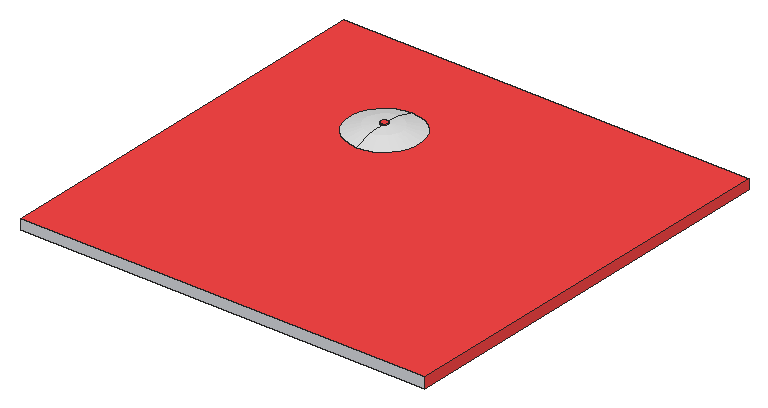
Revit family "PRESTO 55 EMBUTIDO (C)", category Aparatos sanitarios, Revit 2015
Parameters (values of type "55040")
  URL = "http://www.prestoiberica.com/ducha/temporizada-clasica/presto-55-embutido?c=es"
  Teléfono = "(+34) 915 782 575"
  TIPO DE AGUA = "Caliente"
  REFERENCIA = "55040"
  Presión Máxima = ""
  PESO BRUTO = "0.630 Kg"
  Keynote = ""
  Modelo = "PRESTO 55 EMBUTIDO"
  Material = LATON CROMADO
  Imagen de tipo = <Ninguno>
  Fabricante = "PRESTO IBÉRICA"
  Default Elevation = 1219.2 mm
  ENTRADA = ""
  Descripción = "Grifo temporizado de un agua para instalación encastrada con cuerpo de latón y embellecedor cromado."
  Código de montaje = "C1030220"
  Contacto = "info@prestoiberica.com"
  Conexión AF = yes
  Conexión AC = yes
  Comentarios de tipo = "Cabeza intercambiable que comprende todo el mecanismo. Cuerpo, embellecedor y pulsador de latón cromado , piezas interioes en materiales resistentes a la corrosión y a las incrustaciones calcáreas."
  CIERRE = "Automático en 30 seg."
  CAUDAL = "15 L/Min"
  Accionamiento = "Por pulsador"
Reference planes
  plane 1 "Centro (Frontal/Posterior)": y = 0
  plane 2: z = 0
  plane 3 "Centro (Izquierda/Derecha)": x = 0
  plane 4 "1": z = 33.577
Forms (mm)
  Extrusion 1, solid
    sketch origin (0, 0, 0) x (1, 0, 0) y (0, 1, 0)
      loop
        line (-100, 100) -> (-100, -100) -> (100, -100) -> (100, 100) -> (-100, 100)
    from 0 to -5
  Revolve 2, solid, material "LATON CROMADO"
    sketch origin (0, 0, 2.773) x (0, 1, 0) y (0, 0, 1)
      loop
        line (0, 30.994) -> (0, 27.53) -> (17.238, 27.53)
        arc (17.238, 27.53) -> (8.757, 29.949) -> (0, 30.994) r 55.515
      axis (0, 30.994) -> (0, 27.53)
    angle from 0 to 360
  Extrusion 3, solid, material "AGUA CALIENTE"
    sketch origin (0, 0, 33.577) x (-1, 0, 0) y (0, -1, 0)
      loop
        circle (0, 0) r 1.725
    from 0 to 0.25
Dimensions and locks
  Extrusion 1 sketch curve to plane 1 "Centro (Frontal/Posterior)" = 100 mm
  aligned and locked: plane 2 to Extrusion 1
  aligned and locked: level to Extrusion 1
Connectors
  piping at (0, -37, -27.177), diameter 12.7
    settings: on import instance, index 1, connector inside diameter 609.6 mm, connector length 0 mm, flow factor 0, pipe flow 0.0 L/s, pressure drop 0.0 Pa, fitting loss kfactor 0, connector angle 0.00°, fixture units 0, engagement length 0 mm, angle of deflection 0.00°, flow configuration 0, flow direction 1, fitting loss method 0, system type 19, joint type 0, gender type 0, connector reference index -1, connector utility 0, adjustable connector no, is connector primary yes, connector description ""
